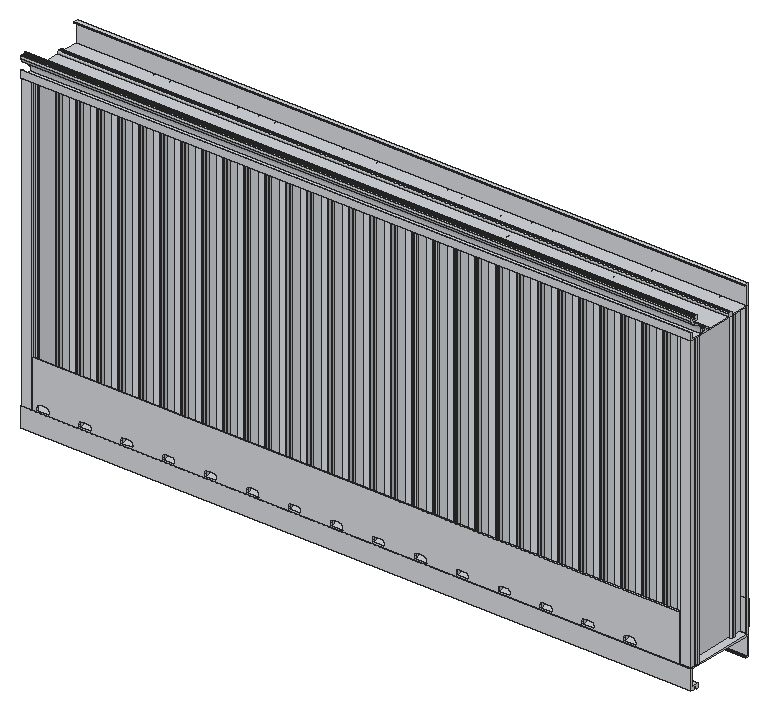
Revit family "WDV-130_Damper", category Generic Models, Revit 2015
Parameters
  Number of Blades [instance] = (Exact Width / Blade Spacing) - 3  # 29
  Exact Width ID = Exact Width - 0' 1 9/16"  # 3' - 10 7/16"
  Exact Width = 4' - 0"
  Exact Height ID = Exact Height - 0' 3"  # 1' - 9"
  Exact Height = 2' - 0"
  Depth = 0' - 5.1"
  Blade Spacing [instance] = 0' - 1 1/2"
  Blade Height = 2' - 9 3/4"
Reference planes (in)
  plane 1 "Center (Front/Back)": y = 0
  plane 2: z = 0
  plane 3 "Center (Left/Right)": x = 0
  plane 4: x = -18
  plane 5: x = 30
  plane 6: y = 2.55
  plane 7: y = -2.55
  plane 8: z = 24
  plane 9: z = 22.5
  plane 10: z = 1.5
  plane 11: x = -17.36536
  plane 12: x = 29.36399
Forms (in)
  Extrusion 1, solid
    sketch origin (-1.86888, 9.00306, 0) x (1, 0, 0) y (0, 1, 0)
      loop
        line (-14.86286, -6.51556) -> (-16.13112, -6.51556) -> (-16.13112, -6.68406) -> (-16.05612, -6.68406) -> (-16.05612, -6.59656) -> (-15.57062, -6.59656) -> (-15.57062, -7.25124)
        arc (-15.57062, -7.25124) -> (-15.67606, -7.23049) -> (-15.7699, -7.28285) r 0.156
        arc (-15.7699, -7.28285) -> (-15.77707, -7.30467) -> (-15.76672, -7.32516) r 0.03
        line (-15.76672, -7.32516) -> (-15.73788, -7.33582)
        arc (-15.73788, -7.33582) -> (-15.72116, -7.33701) -> (-15.7064, -7.32904) r 0.03
        arc (-15.7064, -7.32904) -> (-15.68351, -7.31338) -> (-15.65657, -7.30672) r 0.078
        arc (-15.65657, -7.30672) -> (-15.60008, -7.32602) -> (-15.57378, -7.37961) r 0.078
        arc (-15.57378, -7.37961) -> (-15.5965, -7.43975) -> (-15.65667, -7.4624) r 0.078
        arc (-15.65667, -7.4624) -> (-15.68355, -7.45573) -> (-15.7064, -7.44009) r 0.078
        arc (-15.7064, -7.44009) -> (-15.71981, -7.43244) -> (-15.73524, -7.43246) r 0.03
        line (-15.73524, -7.43246) -> (-15.76672, -7.44397)
        arc (-15.76672, -7.44397) -> (-15.77707, -7.46446) -> (-15.7699, -7.48627) r 0.03
        arc (-15.7699, -7.48627) -> (-15.67503, -7.5388) -> (-15.56884, -7.51679) r 0.156
        line (-15.56884, -7.51679) -> (-15.56884, -10.37576)
        arc (-15.56884, -10.37576) -> (-15.60026, -10.36116) -> (-15.63412, -10.35386) r 0.156
        arc (-15.63412, -10.35386) -> (-15.65463, -10.35121) -> (-15.67434, -10.35744) r 0.04792
        arc (-15.67434, -10.35744) -> (-15.68558, -10.36889) -> (-15.68932, -10.38449) r 0.03
        line (-15.68932, -10.38449) -> (-15.67513, -10.41607)
        arc (-15.67513, -10.41607) -> (-15.66423, -10.427) -> (-15.64935, -10.43106) r 0.03
        arc (-15.64935, -10.43106) -> (-15.62213, -10.43616) -> (-15.5984, -10.45045) r 0.078
        arc (-15.5984, -10.45045) -> (-15.57203, -10.50401) -> (-15.59126, -10.56053) r 0.078
        arc (-15.59126, -10.56053) -> (-15.64982, -10.58706) -> (-15.70842, -10.5606) r 0.078
        arc (-15.70842, -10.5606) -> (-15.72275, -10.53685) -> (-15.72787, -10.50959) r 0.078
        arc (-15.72787, -10.50959) -> (-15.73182, -10.4949) -> (-15.74246, -10.48405) r 0.03
        line (-15.74246, -10.48405) -> (-15.77326, -10.46968)
        arc (-15.77326, -10.46968) -> (-15.79507, -10.47685) -> (-15.80543, -10.49734) r 0.03
        arc (-15.80543, -10.49734) -> (-15.80157, -10.54544) -> (-15.78319, -10.59006) r 0.156
        line (-15.78319, -10.59006) -> (-15.89312, -10.59006) -> (-15.89312, -10.96506) -> (-16.13112, -10.96506) -> (-16.13112, -11.04706) -> (-16.06212, -11.04706) -> (-16.06212, -11.10806) -> (-15.98112, -11.10806) -> (-15.98112, -11.04706) -> (-15.89312, -11.04706) -> (-15.89312, -11.44406) -> (-15.98112, -11.44406) -> (-15.98112, -11.33106) -> (-16.06212, -11.33106) -> (-16.06212, -11.55306) -> (-15.36262, -11.55306) -> (-15.36262, -11.47206) -> (-15.81812, -11.47206) -> (-15.81812, -10.66506) -> (-15.49648, -10.66506) -> (-15.49648, -6.59656) -> (-14.86286, -6.59656) -> (-14.86286, -6.51556)
    from 1.5 to 22.5
  Extrusion 2, solid
    sketch origin (1.86888, 9.06556, 0) x (-1, 0, 0) y (0, -1, 0)
      loop
        line (-26.86286, 6.51556) -> (-26.86286, 6.59656) -> (-27.49562, 6.59656) -> (-27.49562, 10.67756) -> (-27.81812, 10.67756) -> (-27.81812, 11.48456) -> (-27.36262, 11.48456) -> (-27.36262, 11.61158) -> (-28.06212, 11.61158) -> (-28.06212, 11.34356) -> (-27.98112, 11.34356) -> (-27.98112, 11.45656) -> (-27.89312, 11.45656) -> (-27.89312, 11.05956) -> (-27.98112, 11.05956) -> (-27.98112, 11.12056) -> (-28.06212, 11.12056) -> (-28.06212, 11.05956) -> (-28.13112, 11.05956) -> (-28.13112, 10.97756) -> (-27.89312, 10.97756) -> (-27.89312, 10.60256) -> (-27.78319, 10.60256)
        arc (-27.78319, 10.60256) -> (-27.80157, 10.55794) -> (-27.80543, 10.50984) r 0.156
        arc (-27.80543, 10.50984) -> (-27.79507, 10.48935) -> (-27.77326, 10.48218) r 0.03
        line (-27.77326, 10.48218) -> (-27.74246, 10.49655)
        arc (-27.74246, 10.49655) -> (-27.73182, 10.5074) -> (-27.72787, 10.52209) r 0.03
        arc (-27.72787, 10.52209) -> (-27.72275, 10.54935) -> (-27.70842, 10.5731) r 0.078
        arc (-27.70842, 10.5731) -> (-27.64982, 10.59956) -> (-27.59126, 10.57303) r 0.078
        arc (-27.59126, 10.57303) -> (-27.57203, 10.51651) -> (-27.5984, 10.46295) r 0.078
        arc (-27.5984, 10.46295) -> (-27.62213, 10.44866) -> (-27.64935, 10.44356) r 0.078
        arc (-27.64935, 10.44356) -> (-27.66423, 10.4395) -> (-27.67513, 10.42857) r 0.03
        line (-27.67513, 10.42857) -> (-27.68932, 10.39699)
        arc (-27.68932, 10.39699) -> (-27.68558, 10.38139) -> (-27.67434, 10.36994) r 0.03
        arc (-27.67434, 10.36994) -> (-27.65463, 10.36371) -> (-27.63412, 10.36636) r 0.04792
        arc (-27.63412, 10.36636) -> (-27.60026, 10.37366) -> (-27.56884, 10.38826) r 0.156
        line (-27.56884, 10.38826) -> (-27.56884, 7.51679)
        arc (-27.56884, 7.51679) -> (-27.67503, 7.5388) -> (-27.7699, 7.48627) r 0.156
        arc (-27.7699, 7.48627) -> (-27.77707, 7.46446) -> (-27.76672, 7.44397) r 0.03
        line (-27.76672, 7.44397) -> (-27.73524, 7.43246)
        arc (-27.73524, 7.43246) -> (-27.71981, 7.43244) -> (-27.7064, 7.44009) r 0.03
        arc (-27.7064, 7.44009) -> (-27.68355, 7.45573) -> (-27.65667, 7.4624) r 0.078
        arc (-27.65667, 7.4624) -> (-27.5965, 7.43975) -> (-27.57378, 7.37961) r 0.078
        arc (-27.57378, 7.37961) -> (-27.60008, 7.32602) -> (-27.65657, 7.30672) r 0.078
        arc (-27.65657, 7.30672) -> (-27.68351, 7.31338) -> (-27.7064, 7.32904) r 0.078
        arc (-27.7064, 7.32904) -> (-27.72116, 7.33701) -> (-27.73788, 7.33582) r 0.03
        line (-27.73788, 7.33582) -> (-27.76672, 7.32516)
        arc (-27.76672, 7.32516) -> (-27.77707, 7.30467) -> (-27.7699, 7.28285) r 0.03
        arc (-27.7699, 7.28285) -> (-27.67606, 7.23049) -> (-27.57062, 7.25124) r 0.156
        line (-27.57062, 7.25124) -> (-27.57062, 6.59656) -> (-28.05612, 6.59656) -> (-28.05612, 6.68406) -> (-28.13112, 6.68406) -> (-28.13112, 6.51556) -> (-26.86286, 6.51556)
    from 1.5 to 22.5
  Extrusion 3, solid
    sketch origin (0, 0, 7.93838) x (0, 1, 0) y (0, 0, 1)
      loop
        line (-1.97469, -7.93838) -> (-1.97469, -7.61838) -> (-2.47469, -7.61838) -> (-2.47469, -6.52038) -> (2.468, -6.52038) -> (2.468, -7.85638) -> (2.3625, -7.85638) -> (2.3625, -7.93838) -> (2.55, -7.93838) -> (2.55, -4.18838) -> (2.468, -4.18838) -> (2.468, -6.43838) -> (-2.55, -6.43838) -> (-2.55, -7.86938) -> (-2.34069, -7.86938) -> (-2.34069, -7.78838) -> (-2.45369, -7.78838) -> (-2.45369, -7.70038) -> (-2.05669, -7.70038) -> (-2.05669, -7.78838) -> (-2.11769, -7.78838) -> (-2.11769, -7.86938) -> (-2.05669, -7.86938) -> (-2.05669, -7.93838) -> (-1.97469, -7.93838)
    from -18 to 30
  Extrusion 4, solid
    sketch origin (0, 10.54911, 23.25) x (0, 1, 0) y (0, 0, 1)
      loop
        line (-8.33235, 0.669) -> (-8.11235, 0.669) -> (-8.11235, -0.669) -> (-9.47328, -0.669)
        arc (-9.47328, -0.669) -> (-9.45253, -0.56356) -> (-9.50489, -0.46972) r 0.156
        arc (-9.50489, -0.46972) -> (-9.5267, -0.46255) -> (-9.5472, -0.4729) r 0.03
        line (-9.5472, -0.4729) -> (-9.55786, -0.50174)
        arc (-9.55786, -0.50174) -> (-9.55905, -0.51846) -> (-9.55108, -0.53322) r 0.03
        arc (-9.55108, -0.53322) -> (-9.53542, -0.55612) -> (-9.52876, -0.58305) r 0.078
        arc (-9.52876, -0.58305) -> (-9.60665, -0.666) -> (-9.68444, -0.58295) r 0.078
        arc (-9.68444, -0.58295) -> (-9.67777, -0.55607) -> (-9.66212, -0.53322) r 0.078
        arc (-9.66212, -0.53322) -> (-9.65454, -0.52004) -> (-9.65438, -0.50484) r 0.03
        line (-9.65438, -0.50484) -> (-9.66601, -0.4729)
        arc (-9.66601, -0.4729) -> (-9.6865, -0.46255) -> (-9.70831, -0.46972) r 0.03
        arc (-9.70831, -0.46972) -> (-9.76068, -0.56356) -> (-9.73992, -0.669) r 0.156
        line (-9.73992, -0.669) -> (-11.59891, -0.669)
        arc (-11.59891, -0.669) -> (-11.57816, -0.56356) -> (-11.63052, -0.46972) r 0.156
        arc (-11.63052, -0.46972) -> (-11.65234, -0.46255) -> (-11.67283, -0.4729) r 0.03
        line (-11.67283, -0.4729) -> (-11.68445, -0.50484)
        arc (-11.68445, -0.50484) -> (-11.6843, -0.52004) -> (-11.67671, -0.53322) r 0.03
        arc (-11.67671, -0.53322) -> (-11.66107, -0.55607) -> (-11.6544, -0.58295) r 0.078
        arc (-11.6544, -0.58295) -> (-11.73219, -0.666) -> (-11.81008, -0.58305) r 0.078
        arc (-11.81008, -0.58305) -> (-11.80342, -0.55612) -> (-11.78776, -0.53322) r 0.078
        arc (-11.78776, -0.53322) -> (-11.77978, -0.51846) -> (-11.78097, -0.50174) r 0.03
        line (-11.78097, -0.50174) -> (-11.79164, -0.4729)
        arc (-11.79164, -0.4729) -> (-11.81213, -0.46255) -> (-11.83394, -0.46972) r 0.03
        arc (-11.83394, -0.46972) -> (-11.88631, -0.56356) -> (-11.86556, -0.669) r 0.156
        line (-11.86556, -0.669) -> (-12.11928, -0.669)
        arc (-12.11928, -0.669) -> (-12.28853, -0.15951) -> (-12.70213, 0.18278) r 0.97349
        arc (-12.70213, 0.18278) -> (-12.86819, 0.28881) -> (-13.00457, 0.431) r 0.82977
        line (-13.00457, 0.431) -> (-12.63737, 0.431) -> (-12.63737, 0.75) -> (-12.71837, 0.75) -> (-12.71837, 0.681) -> (-12.77937, 0.681) -> (-12.77937, 0.6) -> (-12.71837, 0.6) -> (-12.71837, 0.512) -> (-13.05635, 0.512) -> (-13.05635, 0.6) -> (-13.00237, 0.6) -> (-13.00237, 0.681) -> (-13.13135, 0.681) -> (-13.13135, 0.47638)
        arc (-13.13135, 0.47638) -> (-12.96094, 0.26228) -> (-12.73457, 0.10856) r 0.9095
        arc (-12.73457, 0.10856) -> (-12.35633, -0.20387) -> (-12.20035, -0.669) r 0.89249
        line (-12.20035, -0.669) -> (-13.05035, -0.669) -> (-13.05035, -0.22392) -> (-13.13135, -0.22392) -> (-13.13135, -0.75) -> (-8.03135, -0.75) -> (-8.03135, 0.75) -> (-8.33235, 0.75) -> (-8.33235, 0.669)
    from -18 to 30
Dimensions and locks (in)
  "Exact Width": plane 4 to plane 5
  "Depth": plane 6 to plane 7
  "Exact Height": plane 8 to level
  locked: plane 4 to plane 11 at 0.63464
  locked: plane 12 to plane 5 at 0.63601
  locked: plane 8 to plane 9 at 1.5
  plane 10 to level = 0' - 1 1/2"
  "Exact Height ID": plane 9 to plane 10
  "Blade Spacing": nested 1 to nested 2
  equal spacing: group 1, group 2, group 3, group 4, group 5, group 6, group 7, group 8, group 9, group 10, group 11, group 12, group 13, group 14, group 15, group 16, group 17, group 18, group 19, group 20, group 21, group 22, group 23, group 24, group 25, group 26, group 27, group 28, group 29  (x3)
  plane 12 to plane 11 = 3' - 10.72935"
  aligned and locked: plane 2 to level
  aligned and locked: plane 9 to Extrusion 2
  aligned and locked: Extrusion 3 to plane 4
  aligned and locked: plane 5 to Extrusion 3
  aligned and locked: plane 5 to Extrusion 4
  aligned and locked: Extrusion 4 to plane 4
  aligned and locked: plane 9 to Extrusion 1
  aligned and locked: plane 9 to nested 1
  aligned and locked: plane 11 to nested 1
  aligned and locked: nested 15 to plane 10
Automatic sketch dimensions
  Extrusion 1 sketch curve to Extrusion 1 sketch curve = 0' - 0"  (x64)
  Extrusion 1 sketch curve to plane 4 = 0' - 0"  (x2)
  Extrusion 1 sketch curve to plane 7 = 0' - 0"
  Extrusion 1 sketch curve to plane 11 = 0' - 0"
  plane 4 to Extrusion 1 sketch curve = 0' - 0.069"
  Extrusion 1 sketch curve to Extrusion 1 sketch curve = 0' - 0.069"
  plane 4 to Extrusion 1 sketch curve = 0' - 0.075"
  Extrusion 1 sketch curve to Extrusion 1 sketch curve = 0' - 0.081"  (x2)
  Extrusion 1 sketch curve to Extrusion 1 sketch curve = 0' - 0.088"
  plane 4 to Extrusion 1 sketch curve = 0' - 0.238"
  Extrusion 1 sketch curve to Extrusion 1 sketch curve = 0' - 0.075"  (x2)
  Extrusion 1 sketch curve to Extrusion 1 sketch curve = 0' - 0.03493"
  Extrusion 1 sketch curve to Extrusion 1 sketch curve = 0' - 0.00768"
  Extrusion 1 sketch curve to Extrusion 1 sketch curve = 0' - 0.00225"
  Extrusion 1 sketch curve to plane 11 = 0' - 0.27024"
  Extrusion 1 sketch curve to Extrusion 1 sketch curve = 0' - 0.01765"
  Extrusion 1 sketch curve to Extrusion 1 sketch curve = 0' - 0.01956"  (x2)
  Extrusion 1 sketch curve to Extrusion 1 sketch curve = 0' - 0.01541"
  Extrusion 1 sketch curve to Extrusion 1 sketch curve = 0' - 0.02884"
  Extrusion 1 sketch curve to Extrusion 1 sketch curve = 0' - 0.03148"
  Extrusion 1 sketch curve to Extrusion 1 sketch curve = 0' - 0.01968"  (x2)
  Extrusion 1 sketch curve to Extrusion 1 sketch curve = 0' - 0.05314"
  Extrusion 1 sketch curve to Extrusion 1 sketch curve = 0' - 0.01419"
  Extrusion 1 sketch curve to Extrusion 1 sketch curve = 0' - 0.02998"
  Extrusion 1 sketch curve to Extrusion 1 sketch curve = 0' - 0.08362"
  Extrusion 1 sketch curve to Extrusion 1 sketch curve = 0' - 0.00896"
  Extrusion 1 sketch curve to Extrusion 1 sketch curve = 0' - 0.09259"
  Extrusion 1 sketch curve to Extrusion 1 sketch curve = 0' - 0.00123"
  Extrusion 1 sketch curve to plane 11 = 0' - 0.07414"
  Extrusion 1 sketch curve to plane 11 = 0' - 0.07236"
  plane 11 to Extrusion 1 sketch curve = 0' - 0.13386"
  Extrusion 1 sketch curve to plane 6 = 0' - 0 1/16"
  plane 11 to Extrusion 1 sketch curve = 0' - 0.63362"
  plane 7 to Extrusion 1 sketch curve = 0' - 0.081"
  plane 7 to Extrusion 1 sketch curve = 0' - 0.109"
  Extrusion 1 sketch curve to Extrusion 1 sketch curve = 0' - 0.113"
  Extrusion 1 sketch curve to Extrusion 1 sketch curve = 0' - 0.223"
  Extrusion 1 sketch curve to Extrusion 1 sketch curve = 0' - 0.061"  (x2)
  Extrusion 1 sketch curve to Extrusion 1 sketch curve = 0' - 0.082"
  Extrusion 1 sketch curve to Extrusion 1 sketch curve = 0' - 0.3"
  Extrusion 1 sketch curve to Extrusion 1 sketch curve = 0' - 0.08028"
  Extrusion 1 sketch curve to Extrusion 1 sketch curve = 0' - 0.00072"
  Extrusion 1 sketch curve to Extrusion 1 sketch curve = 0' - 0.01019"
  Extrusion 1 sketch curve to Extrusion 1 sketch curve = 0' - 0.02574"
  Extrusion 1 sketch curve to Extrusion 1 sketch curve = 0' - 0.02992"
  Extrusion 1 sketch curve to Extrusion 1 sketch curve = 0' - 0.06798"
  Extrusion 1 sketch curve to Extrusion 1 sketch curve = 0' - 0.015"
  Extrusion 1 sketch curve to Extrusion 1 sketch curve = 0' - 0.00213"
  Extrusion 1 sketch curve to Extrusion 1 sketch curve = 0' - 0.03157"
  Extrusion 1 sketch curve to Extrusion 1 sketch curve = 0' - 0.01552"
  Extrusion 1 sketch curve to Extrusion 1 sketch curve = 0' - 0.02531"
  Extrusion 1 sketch curve to plane 6 = 0' - 1.06373"
  Extrusion 1 sketch curve to Extrusion 1 sketch curve = 0' - 0.05007"
  Extrusion 1 sketch curve to Extrusion 1 sketch curve = 0' - 0.00527"  (x2)
  Extrusion 1 sketch curve to Extrusion 1 sketch curve = 0' - 0.02275"
  Extrusion 1 sketch curve to Extrusion 1 sketch curve = 0' - 0.02898"
  Extrusion 1 sketch curve to Extrusion 1 sketch curve = 0' - 0.0479"
  Extrusion 1 sketch curve to Extrusion 1 sketch curve = 0' - 0.09664"
  Extrusion 1 sketch curve to Extrusion 1 sketch curve = 0' - 0.01066"
  Extrusion 1 sketch curve to Extrusion 1 sketch curve = 0' - 0.02814"
  Extrusion 1 sketch curve to Extrusion 1 sketch curve = 0' - 0.13332"
  Extrusion 1 sketch curve to Extrusion 1 sketch curve = 0' - 0.1685"
  Extrusion 1 sketch curve to plane 6 = 0' - 0.1435"
  Extrusion 1 sketch curve to Extrusion 1 sketch curve = 0' - 0.0875"
  Extrusion 1 sketch curve to Extrusion 1 sketch curve = 0' - 0.01945"
  Extrusion 1 sketch curve to Extrusion 1 sketch curve = 0' - 0.04974"
  Extrusion 1 sketch curve to Extrusion 1 sketch curve = 0' - 0.04983"
  Extrusion 1 sketch curve to Extrusion 1 sketch curve = 0' - 0.05095"
  Extrusion 1 sketch curve to Extrusion 1 sketch curve = 0' - 0 15/256"
  Extrusion 1 sketch curve to plane 11 = 0' - 0.0773"
  Extrusion 2 sketch curve to Extrusion 2 sketch curve = 0' - 0"  (x65)
  Extrusion 2 sketch curve to plane 5 = 0' - 0"  (x2)
  Extrusion 2 sketch curve to plane 6 = 0' - 0"
  Extrusion 2 sketch curve to plane 5 = 0' - 0.069"  (x2)
  Extrusion 2 sketch curve to plane 5 = 0' - 0.075"
  Extrusion 2 sketch curve to Extrusion 2 sketch curve = 0' - 0.081"  (x3)
  Extrusion 2 sketch curve to Extrusion 2 sketch curve = 0' - 0.088"
  Extrusion 2 sketch curve to plane 5 = 0' - 0.238"
  Extrusion 2 sketch curve to Extrusion 2 sketch curve = 0' - 0.075"
  Extrusion 2 sketch curve to Extrusion 2 sketch curve = 0' - 0.03493"
  Extrusion 2 sketch curve to Extrusion 2 sketch curve = 0' - 0.00768"
  Extrusion 2 sketch curve to Extrusion 2 sketch curve = 0' - 0.00225"
  plane 12 to Extrusion 2 sketch curve = 0' - 0.27161"
  Extrusion 2 sketch curve to Extrusion 2 sketch curve = 0' - 0.01765"
  Extrusion 2 sketch curve to Extrusion 2 sketch curve = 0' - 0.01956"  (x2)
  Extrusion 2 sketch curve to Extrusion 2 sketch curve = 0' - 0.01541"
  Extrusion 2 sketch curve to Extrusion 2 sketch curve = 0' - 0.02884"
  Extrusion 2 sketch curve to Extrusion 2 sketch curve = 0' - 0.03148"
  Extrusion 2 sketch curve to Extrusion 2 sketch curve = 0' - 0.01968"  (x2)
  Extrusion 2 sketch curve to Extrusion 2 sketch curve = 0' - 0.05314"
  Extrusion 2 sketch curve to Extrusion 2 sketch curve = 0' - 0.01419"
  Extrusion 2 sketch curve to Extrusion 2 sketch curve = 0' - 0.02998"
  Extrusion 2 sketch curve to Extrusion 2 sketch curve = 0' - 0.08362"
  Extrusion 2 sketch curve to Extrusion 2 sketch curve = 0' - 0.00896"
  Extrusion 2 sketch curve to Extrusion 2 sketch curve = 0' - 0.09259"
  Extrusion 2 sketch curve to Extrusion 2 sketch curve = 0' - 0.00123"
  plane 12 to Extrusion 2 sketch curve = 0' - 0.07551"
  plane 12 to Extrusion 2 sketch curve = 0' - 0.07373"
  plane 12 to Extrusion 2 sketch curve = 0' - 0.00051"
  Extrusion 2 sketch curve to plane 12 = 0' - 0.13249"
  Extrusion 2 sketch curve to plane 12 = 0' - 0.63225"
  Extrusion 2 sketch curve to Extrusion 2 sketch curve = 0' - 0.0875"
  Extrusion 2 sketch curve to Extrusion 2 sketch curve = 0' - 0.65468"
  Extrusion 2 sketch curve to Extrusion 2 sketch curve = 0' - 0.05117"
  Extrusion 2 sketch curve to Extrusion 2 sketch curve = 0' - 0.00527"  (x2)
  Extrusion 2 sketch curve to Extrusion 2 sketch curve = 0' - 0.02275"
  Extrusion 2 sketch curve to Extrusion 2 sketch curve = 0' - 0.02814"
  Extrusion 2 sketch curve to Extrusion 2 sketch curve = 0' - 0.04874"
  Extrusion 2 sketch curve to Extrusion 2 sketch curve = 0' - 0.0479"
  Extrusion 2 sketch curve to Extrusion 2 sketch curve = 0' - 0.0115"
  Extrusion 2 sketch curve to Extrusion 2 sketch curve = 0' - 0.02898"
  Extrusion 2 sketch curve to Extrusion 2 sketch curve = 0' - 0.13223"
  plane 7 to Extrusion 2 sketch curve = 0' - 1.2273"
  Extrusion 2 sketch curve to Extrusion 2 sketch curve = 0' - 0.00766"
  Extrusion 2 sketch curve to Extrusion 2 sketch curve = 0' - 0.00107"
  Extrusion 2 sketch curve to Extrusion 2 sketch curve = 0' - 0.01552"
  Extrusion 2 sketch curve to Extrusion 2 sketch curve = 0' - 0.00213"
  Extrusion 2 sketch curve to Extrusion 2 sketch curve = 0' - 0.015"
  Extrusion 2 sketch curve to Extrusion 2 sketch curve = 0' - 0.05362"
  Extrusion 2 sketch curve to Extrusion 2 sketch curve = 0' - 0.01436"
  Extrusion 2 sketch curve to Extrusion 2 sketch curve = 0' - 0.02992"
  Extrusion 2 sketch curve to Extrusion 2 sketch curve = 0' - 0.078"
  Extrusion 2 sketch curve to Extrusion 2 sketch curve = 0' - 0.01019"
  Extrusion 2 sketch curve to Extrusion 2 sketch curve = 0' - 0.09272"
  Extrusion 2 sketch curve to Extrusion 2 sketch curve = 0' - 0.156"
  Extrusion 2 sketch curve to Extrusion 2 sketch curve = 0' - 0.3"
  Extrusion 2 sketch curve to Extrusion 2 sketch curve = 0' - 0.082"  (x2)
  Extrusion 2 sketch curve to Extrusion 2 sketch curve = 0' - 0.061"
  Extrusion 2 sketch curve to Extrusion 2 sketch curve = 0' - 0.223"
  Extrusion 2 sketch curve to Extrusion 2 sketch curve = 0' - 0.113"
  plane 7 to Extrusion 2 sketch curve = 0' - 0.131"
  plane 7 to Extrusion 2 sketch curve = 0' - 0.00399"
  Extrusion 2 sketch curve to Extrusion 2 sketch curve = 0' - 0.01945"
  Extrusion 2 sketch curve to Extrusion 2 sketch curve = 0' - 0.04974"
  Extrusion 2 sketch curve to Extrusion 2 sketch curve = 0' - 0.04983"
  Extrusion 2 sketch curve to Extrusion 2 sketch curve = 0' - 0.05095"
  Extrusion 2 sketch curve to Extrusion 2 sketch curve = 0' - 0 15/256"
  Extrusion 2 sketch curve to Extrusion 2 sketch curve = 0' - 0.07784"
  Extrusion 3 sketch curve to plane 7 = 0' - 0"
  Extrusion 3 sketch curve to level = 0' - 0"  (x2)
  Extrusion 3 sketch curve to plane 10 = 0' - 0"
  Extrusion 3 sketch curve to plane 6 = 0' - 0"
  plane 7 to Extrusion 3 sketch curve = 0' - 0.07531"
  plane 7 to Extrusion 3 sketch curve = 0' - 0.09631"
  Extrusion 3 sketch curve to Extrusion 3 sketch curve = 0' - 0.113"
  Extrusion 3 sketch curve to Extrusion 3 sketch curve = 0' - 0.223"
  Extrusion 3 sketch curve to Extrusion 3 sketch curve = 0' - 0.061"  (x2)
  Extrusion 3 sketch curve to Extrusion 3 sketch curve = 0' - 0.082"  (x2)
  Extrusion 3 sketch curve to plane 6 = 0' - 0 3/16"
  Extrusion 3 sketch curve to plane 6 = 0' - 0.082"  (x2)
  level to Extrusion 3 sketch curve = 0' - 0.069"  (x2)
  level to Extrusion 3 sketch curve = 0' - 0.082"
  Extrusion 3 sketch curve to Extrusion 3 sketch curve = 0' - 0.081"  (x2)
  Extrusion 3 sketch curve to Extrusion 3 sketch curve = 0' - 0.088"
  Extrusion 3 sketch curve to plane 10 = 0' - 0.082"
  plane 10 to Extrusion 3 sketch curve = 0' - 2 1/4"
  Extrusion 4 sketch curve to Extrusion 4 sketch curve = 0' - 0"  (x44)
  Extrusion 4 sketch curve to plane 9 = 0' - 0"
  Extrusion 4 sketch curve to plane 8 = 0' - 0"  (x2)
  Extrusion 4 sketch curve to plane 7 = 0' - 0.03224"  (x2)
  plane 7 to Extrusion 4 sketch curve = 0' - 0.00718"
  plane 7 to Extrusion 4 sketch curve = 0' - 0.04276"
  plane 7 to Extrusion 4 sketch curve = 0' - 0.04876"
  plane 7 to Extrusion 4 sketch curve = 0' - 0.09454"
  plane 7 to Extrusion 4 sketch curve = 0' - 0.09674"
  Extrusion 4 sketch curve to Extrusion 4 sketch curve = 0' - 0.223"
  Extrusion 4 sketch curve to Extrusion 4 sketch curve = 0' - 0.061"  (x2)
  Extrusion 4 sketch curve to Extrusion 4 sketch curve = 0' - 0.081"  (x3)
  plane 8 to Extrusion 4 sketch curve = 0' - 0.17928"
  Extrusion 4 sketch curve to Extrusion 4 sketch curve = 0' - 0.29473"
  Extrusion 4 sketch curve to Extrusion 4 sketch curve = 0' - 0.00087"
  plane 9 to Extrusion 4 sketch curve = 0' - 0.081"  (x4)
  Extrusion 4 sketch curve to Extrusion 4 sketch curve = 0' - 0.85"
  Extrusion 4 sketch curve to Extrusion 4 sketch curve = 0' - 0.08108"
  Extrusion 4 sketch curve to Extrusion 4 sketch curve = 0' - 0.25372"
  Extrusion 4 sketch curve to Extrusion 4 sketch curve = 0' - 0.05117"  (x2)
  Extrusion 4 sketch curve to Extrusion 4 sketch curve = 0' - 0.00527"  (x4)
  plane 9 to Extrusion 4 sketch curve = 0' - 0.2771"  (x4)
  Extrusion 4 sketch curve to Extrusion 4 sketch curve = 0' - 0.02275"  (x2)
  plane 9 to Extrusion 4 sketch curve = 0' - 0.24826"  (x2)
  Extrusion 4 sketch curve to Extrusion 4 sketch curve = 0' - 0.02814"  (x2)
  Extrusion 4 sketch curve to Extrusion 4 sketch curve = 0' - 0.04874"
  plane 9 to Extrusion 4 sketch curve = 0' - 0.24516"  (x2)
  Extrusion 4 sketch curve to Extrusion 4 sketch curve = 0' - 0.04778"  (x2)
  Extrusion 4 sketch curve to Extrusion 4 sketch curve = 0' - 0.01162"
  Extrusion 4 sketch curve to Extrusion 4 sketch curve = 0' - 0.0291"  (x2)
  Extrusion 4 sketch curve to Extrusion 4 sketch curve = 0' - 0.13332"  (x2)
  Extrusion 4 sketch curve to plane 1 "Center (Front/Back)" = 0' - 0.80919"
  Extrusion 4 sketch curve to Extrusion 4 sketch curve = 0' - 0.09652"
  Extrusion 4 sketch curve to Extrusion 4 sketch curve = 0' - 0.01066"
  Extrusion 4 sketch curve to plane 6 = 0' - 0.33324"
  Extrusion 4 sketch curve to plane 6 = 0' - 0.11324"
  Extrusion 4 sketch curve to plane 6 = 0' - 0.03224"
  plane 9 to Extrusion 4 sketch curve = 0' - 0.04074"
  Extrusion 4 sketch curve to Extrusion 4 sketch curve = 0' - 0.08316"  (x2)
  Extrusion 4 sketch curve to Extrusion 4 sketch curve = 0' - 0.01041"  (x2)
  Extrusion 4 sketch curve to Extrusion 4 sketch curve = 0' - 0.0073"  (x2)
  Extrusion 4 sketch curve to Extrusion 4 sketch curve = 0' - 0.01968"  (x4)
  Extrusion 4 sketch curve to Extrusion 4 sketch curve = 0' - 0.44508"
  Extrusion 4 sketch curve to Extrusion 4 sketch curve = 0' - 0.319"
  Extrusion 4 sketch curve to Extrusion 4 sketch curve = 0' - 0.04538"
  Extrusion 4 sketch curve to Extrusion 4 sketch curve = 0' - 0.088"  (x2)
  Extrusion 4 sketch curve to Extrusion 4 sketch curve = 0' - 0.069"
  Extrusion 4 sketch curve to plane 8 = 0' - 0.069"
  Extrusion 4 sketch curve to Extrusion 4 sketch curve = 0' - 0.00094"
  Extrusion 4 sketch curve to Extrusion 4 sketch curve = 0' - 0.02232"  (x2)
  Extrusion 4 sketch curve to Extrusion 4 sketch curve = 0' - 0.02231"  (x2)
Nested families (in)
  nested 1: "Wdv-130Blade" at (-16.28584, 0, 1.5), type "Wdv-130Blade"
    with Blade Height 1' - 9"
  nested 2: "Wdv-130Blade" at (-14.78584, 0, 1.5), type "Wdv-130Blade"
    with Blade Height 1' - 9"
  nested 3: "Wdv-130Blade" at (-13.28584, 0, 1.5), type "Wdv-130Blade"
    with Blade Height 1' - 9"
  nested 4: "Wdv-130Blade" at (-11.78584, 0, 1.5), type "Wdv-130Blade"
    with Blade Height 1' - 9"
  nested 5: "Wdv-130Blade" at (-10.28584, 0, 1.5), type "Wdv-130Blade"
    with Blade Height 1' - 9"
  nested 6: "Wdv-130Blade" at (-8.78584, 0, 1.5), type "Wdv-130Blade"
    with Blade Height 1' - 9"
  nested 7: "Wdv-130Blade" at (-7.28584, 0, 1.5), type "Wdv-130Blade"
    with Blade Height 1' - 9"
  nested 8: "Wdv-130Blade" at (-5.78584, 0, 1.5), type "Wdv-130Blade"
    with Blade Height 1' - 9"
  nested 9: "Wdv-130Blade" at (-4.28584, 0, 1.5), type "Wdv-130Blade"
    with Blade Height 1' - 9"
  nested 10: "Wdv-130Blade" at (-2.78584, 0, 1.5), type "Wdv-130Blade"
    with Blade Height 1' - 9"
  nested 11: "Wdv-130Blade" at (-1.28584, 0, 1.5), type "Wdv-130Blade"
    with Blade Height 1' - 9"
  nested 12: "Wdv-130Blade" at (0.21416, 0, 1.5), type "Wdv-130Blade"
    with Blade Height 1' - 9"
  nested 13: "Wdv-130Blade" at (1.71416, 0, 1.5), type "Wdv-130Blade"
    with Blade Height 1' - 9"
  nested 14: "Wdv-130Blade" at (3.21416, 0, 1.5), type "Wdv-130Blade"
    with Blade Height 1' - 9"
  nested 15: "WDV-130_Sill Baffle" at (0.76647, -0.15893, 3.1875), type "WDV-130_Sill Baffle"
    with Number of Holes 14, Exact Baffle Width 3' - 10 7/16"
  nested 16: "Wdv-130Blade" at (4.71416, 0, 1.5), type "Wdv-130Blade"
    with Blade Height 1' - 9"
  nested 17: "Wdv-130Blade" at (6.21416, 0, 1.5), type "Wdv-130Blade"
    with Blade Height 1' - 9"
  nested 18: "Wdv-130Blade" at (7.71416, 0, 1.5), type "Wdv-130Blade"
    with Blade Height 1' - 9"
  nested 19: "Wdv-130Blade" at (9.21416, 0, 1.5), type "Wdv-130Blade"
    with Blade Height 1' - 9"
  nested 20: "Wdv-130Blade" at (10.71416, 0, 1.5), type "Wdv-130Blade"
    with Blade Height 1' - 9"
  nested 21: "Wdv-130Blade" at (12.21416, 0, 1.5), type "Wdv-130Blade"
    with Blade Height 1' - 9"
  nested 22: "Wdv-130Blade" at (13.71416, 0, 1.5), type "Wdv-130Blade"
    with Blade Height 1' - 9"
  nested 23: "Wdv-130Blade" at (15.21416, 0, 1.5), type "Wdv-130Blade"
    with Blade Height 1' - 9"
  nested 24: "Wdv-130Blade" at (16.71416, 0, 1.5), type "Wdv-130Blade"
    with Blade Height 1' - 9"
  nested 25: "Wdv-130Blade" at (18.21416, 0, 1.5), type "Wdv-130Blade"
    with Blade Height 1' - 9"
  nested 26: "Wdv-130Blade" at (19.71416, 0, 1.5), type "Wdv-130Blade"
    with Blade Height 1' - 9"
  nested 27: "Wdv-130Blade" at (21.21416, 0, 1.5), type "Wdv-130Blade"
    with Blade Height 1' - 9"
  nested 28: "Wdv-130Blade" at (22.71416, 0, 1.5), type "Wdv-130Blade"
    with Blade Height 1' - 9"
  nested 29: "Wdv-130Blade" at (24.21416, 0, 1.5), type "Wdv-130Blade"
    with Blade Height 1' - 9"
  nested 30: "Wdv-130Blade" at (25.71416, 0, 1.5), type "Wdv-130Blade"
    with Blade Height 1' - 9"
  nested 31: "Wdv-130Blade" at (27.21416, 0, 1.5), type "Wdv-130Blade"
    with Blade Height 1' - 9"
Definition of nested family "Wdv-130Blade"
  Parameters (values of type "Wdv-130Blade")
    Blade Height = 2' - 9 3/4"
  Reference planes (in)
    plane 1 "Center (Front/Back)": y = 0
    plane 2: z = 0
    plane 3 "Center (Left/Right)": x = 0
    plane 4: z = 33.75
    plane 5: z = 16.875
  Forms (in)
    Extrusion 1, solid
      sketch origin (-0.05261, -0.03684, 0) x (1, 0, 0) y (0, 1, 0)
        loop
          line (0.87681, 2.24) -> (0.89558, 2.19997) -> (0.97543, 2.21495) -> (1.02697, 2.30423) -> (0.9715, 2.40031) -> (0.93543, 2.40031) -> (0.41781, 2.40031) -> (0.41781, 2.23484) -> (0.47781, 2.23484) -> (0.47781, 2.34031) -> (0.59165, 2.34031) -> (0.59165, 1.94427) -> (0.58939, 1.8694) -> (0.57306, 1.79629)
          arc (0.57306, 1.79629) -> (0.39749, 1.8685) -> (0.27905, 1.72013) r 0.15817
          line (0.27905, 1.72013) -> (0.34705, 1.70633) -> (0.35495, 1.75337) -> (0.43715, 1.80594) -> (0.51115, 1.76757) -> (0.52771, 1.71538) -> (0.51628, 1.67134) -> (0.451, 1.63553) -> (0.40658, 1.62877) -> (0.37132, 1.59711) -> (0.39129, 1.55318) -> (-0.93248, 0.1682) -> (-0.99158, 0.09078) -> (-1.02691, 0.00001) -> (-1.02691, -0.1593) -> (-1.01193, -0.2072) -> (-0.99023, -0.25245) -> (-0.95116, -0.26777) -> (-0.92339, -0.23327) -> (-0.95917, -0.14153) -> (-0.96545, -0.06001) -> (-0.91895, -0.09209) -> (-0.88612, -0.04521) -> (-0.90629, -0.01419)
          arc (-0.90629, -0.01419) -> (-0.82256, 0.12695) -> (-0.76811, -0.02785) r 0.09056
          line (-0.76811, -0.02785) -> (-0.63899, -0.50729) -> (-0.41125, -0.84664) -> (0.76995, -1.9998) -> (0.90041, -2.15715) -> (0.95596, -2.35386) -> (1.0254, -2.34361) -> (0.96195, -2.12378) -> (0.81634, -1.94727) -> (-0.36151, -0.79737) -> (-0.65651, -0.20553) -> (-0.56439, 0.452) -> (0.4977, 1.56321) -> (0.62538, 1.73655) -> (0.66151, 1.94878) -> (0.66151, 2.33031) -> (0.91309, 2.33031) -> (0.92852, 2.29174) -> (0.87681, 2.24)
      from 0 to 33.75
  Dimensions and locks (in)
    "Blade Height": plane 4 to level
    equal spacing: plane 4, plane 5, level
    aligned and locked: plane 2 to level
    aligned and locked: Extrusion 1 to level
    aligned and locked: plane 4 to Extrusion 1
  Automatic sketch dimensions
    plane 1 "Center (Front/Back)" to Extrusion 1 sketch curve = 0' - 0"
    plane 1 "Center (Front/Back)" to Extrusion 1 sketch curve = 0' - 0.19614"
    Extrusion 1 sketch curve to plane 3 "Center (Left/Right)" = 0' - 1.07952"
    plane 1 "Center (Front/Back)" to Extrusion 1 sketch curve = 0' - 0.24404"
    Extrusion 1 sketch curve to Extrusion 1 sketch curve = 0' - 0.01497"
    Extrusion 1 sketch curve to plane 1 "Center (Front/Back)" = 0' - 0.05394"
    Extrusion 1 sketch curve to Extrusion 1 sketch curve = 0' - 0.03533"
    plane 1 "Center (Front/Back)" to Extrusion 1 sketch curve = 0' - 0.28929"
    Extrusion 1 sketch curve to Extrusion 1 sketch curve = 0' - 0.02171"
    plane 1 "Center (Front/Back)" to Extrusion 1 sketch curve = 0' - 0.09685"
    Extrusion 1 sketch curve to Extrusion 1 sketch curve = 0' - 0.06146"
    plane 1 "Center (Front/Back)" to Extrusion 1 sketch curve = 0' - 0.17837"
    Extrusion 1 sketch curve to Extrusion 1 sketch curve = 0' - 0.06774"
    plane 1 "Center (Front/Back)" to Extrusion 1 sketch curve = 0' - 0.30461"
    Extrusion 1 sketch curve to Extrusion 1 sketch curve = 0' - 0 5/128"
    Extrusion 1 sketch curve to plane 1 "Center (Front/Back)" = 0' - 0.13137"
    Extrusion 1 sketch curve to Extrusion 1 sketch curve = 0' - 0.05909"
    plane 1 "Center (Front/Back)" to Extrusion 1 sketch curve = 0' - 0.27011"
    Extrusion 1 sketch curve to Extrusion 1 sketch curve = 0' - 0.02777"
    plane 1 "Center (Front/Back)" to Extrusion 1 sketch curve = 0' - 0.12893"
    Extrusion 1 sketch curve to Extrusion 1 sketch curve = 0' - 0.0465"
    plane 1 "Center (Front/Back)" to Extrusion 1 sketch curve = 0' - 0.05102"
    Extrusion 1 sketch curve to Extrusion 1 sketch curve = 0' - 0.05916"
    plane 1 "Center (Front/Back)" to Extrusion 1 sketch curve = 0' - 0 21/256"
    Extrusion 1 sketch curve to Extrusion 1 sketch curve = 0' - 0.02017"
    Extrusion 1 sketch curve to Extrusion 1 sketch curve = 0' - 0.07481"
    plane 1 "Center (Front/Back)" to Extrusion 1 sketch curve = 0' - 0.06469"
    plane 1 "Center (Front/Back)" to Extrusion 1 sketch curve = 0' - 0.24236"
    Extrusion 1 sketch curve to Extrusion 1 sketch curve = 0' - 0.11159"
    Extrusion 1 sketch curve to Extrusion 1 sketch curve = 0' - 0.01752"
    Extrusion 1 sketch curve to Extrusion 1 sketch curve = 0' - 0.36809"
    Extrusion 1 sketch curve to Extrusion 1 sketch curve = 0' - 0.22774"
    Extrusion 1 sketch curve to Extrusion 1 sketch curve = 0' - 0.04974"
    plane 3 "Center (Left/Right)" to Extrusion 1 sketch curve = 0' - 0.22644"
    Extrusion 1 sketch curve to Extrusion 1 sketch curve = 0' - 0.068"
    Extrusion 1 sketch curve to Extrusion 1 sketch curve = 0' - 0.0079"
    Extrusion 1 sketch curve to Extrusion 1 sketch curve = 0' - 0.02427"
    Extrusion 1 sketch curve to Extrusion 1 sketch curve = 0' - 0.01996"
    Extrusion 1 sketch curve to Extrusion 1 sketch curve = 0' - 0.03525"
    plane 3 "Center (Left/Right)" to Extrusion 1 sketch curve = 0' - 0.3652"
    Extrusion 1 sketch curve to Extrusion 1 sketch curve = 0' - 0.0822"
    Extrusion 1 sketch curve to Extrusion 1 sketch curve = 0' - 0"
    Extrusion 1 sketch curve to Extrusion 1 sketch curve = 0' - 0.04443"
    Extrusion 1 sketch curve to Extrusion 1 sketch curve = 0' - 0.06"  (x2)
    Extrusion 1 sketch curve to Extrusion 1 sketch curve = 0' - 0.04669"
    Extrusion 1 sketch curve to Extrusion 1 sketch curve = 0' - 0.074"
    Extrusion 1 sketch curve to Extrusion 1 sketch curve = 0' - 0.06527"
    Extrusion 1 sketch curve to Extrusion 1 sketch curve = 0' - 0.01143"
    Extrusion 1 sketch curve to Extrusion 1 sketch curve = 0' - 0.06191"
    Extrusion 1 sketch curve to Extrusion 1 sketch curve = 0' - 0.01633"
    Extrusion 1 sketch curve to Extrusion 1 sketch curve = 0' - 0.00227"
    Extrusion 1 sketch curve to Extrusion 1 sketch curve = 0' - 0.05231"
    Extrusion 1 sketch curve to Extrusion 1 sketch curve = 0' - 0.06985"
    plane 3 "Center (Left/Right)" to Extrusion 1 sketch curve = 0' - 0.71734"
    Extrusion 1 sketch curve to Extrusion 1 sketch curve = 0' - 0.04639"
    Extrusion 1 sketch curve to Extrusion 1 sketch curve = 0' - 0.2153"
    Extrusion 1 sketch curve to Extrusion 1 sketch curve = 0' - 0.01877"
    Extrusion 1 sketch curve to Extrusion 1 sketch curve = 0' - 0.13046"
    Extrusion 1 sketch curve to Extrusion 1 sketch curve = 0' - 0.03627"
    Extrusion 1 sketch curve to Extrusion 1 sketch curve = 0' - 0.01544"
    Extrusion 1 sketch curve to Extrusion 1 sketch curve = 0' - 0.02234"
    Extrusion 1 sketch curve to Extrusion 1 sketch curve = 0' - 0.05554"
    Extrusion 1 sketch curve to Extrusion 1 sketch curve = 0' - 0.06154"
    Extrusion 1 sketch curve to Extrusion 1 sketch curve = 0' - 0.03608"
    Extrusion 1 sketch curve to Extrusion 1 sketch curve = 0' - 0.07985"  (x2)
    Extrusion 1 sketch curve to Extrusion 1 sketch curve = 0' - 0.06944"
    Extrusion 1 sketch curve to Extrusion 1 sketch curve = 0' - 0.09845"
    Extrusion 1 sketch curve to Extrusion 1 sketch curve = 0' - 0.30176"
    Extrusion 1 sketch curve to Extrusion 1 sketch curve = 0' - 0.29008"
    Extrusion 1 sketch curve to Extrusion 1 sketch curve = 0' - 0.04926"
    Extrusion 1 sketch curve to Extrusion 1 sketch curve = 0' - 1.1499"
    Extrusion 1 sketch curve to Extrusion 1 sketch curve = 0' - 0.05253"
    Extrusion 1 sketch curve to Extrusion 1 sketch curve = 0' - 0.12397"
    Extrusion 1 sketch curve to Extrusion 1 sketch curve = 0' - 0.03338"
    Extrusion 1 sketch curve to Extrusion 1 sketch curve = 0' - 0.18646"
    Extrusion 1 sketch curve to Extrusion 1 sketch curve = 0' - 0.01025"
    plane 1 "Center (Front/Back)" to Extrusion 1 sketch curve = 0' - 0.03683"
    Extrusion 1 sketch curve to plane 1 "Center (Front/Back)" = 0' - 0.41517"
    Extrusion 1 sketch curve to Extrusion 1 sketch curve = 0' - 1.10118"
    Extrusion 1 sketch curve to Extrusion 1 sketch curve = 0' - 0.01002"
    Extrusion 1 sketch curve to Extrusion 1 sketch curve = 0' - 0.04393"
    Extrusion 1 sketch curve to Extrusion 1 sketch curve = 0' - 0.03165"
    Extrusion 1 sketch curve to Extrusion 1 sketch curve = 0' - 0.00676"
    Extrusion 1 sketch curve to Extrusion 1 sketch curve = 0' - 0.03581"
    Extrusion 1 sketch curve to Extrusion 1 sketch curve = 0' - 0.07756"
    Extrusion 1 sketch curve to Extrusion 1 sketch curve = 0' - 0.04404"
    Extrusion 1 sketch curve to Extrusion 1 sketch curve = 0' - 0.0138"
    Extrusion 1 sketch curve to Extrusion 1 sketch curve = 0' - 0.05974"
    Extrusion 1 sketch curve to Extrusion 1 sketch curve = 0' - 0.04704"
    Extrusion 1 sketch curve to Extrusion 1 sketch curve = 0' - 0.05219"
    Extrusion 1 sketch curve to Extrusion 1 sketch curve = 0' - 0.03836"
    Extrusion 1 sketch curve to Extrusion 1 sketch curve = 0' - 0.07311"
    Extrusion 1 sketch curve to Extrusion 1 sketch curve = 0' - 0.07488"
    Extrusion 1 sketch curve to Extrusion 1 sketch curve = 0' - 0.00451"
    Extrusion 1 sketch curve to Extrusion 1 sketch curve = 0' - 0.25119"
    Extrusion 1 sketch curve to Extrusion 1 sketch curve = 0' - 0.01498"
    Extrusion 1 sketch curve to Extrusion 1 sketch curve = 0' - 0.29057"
    Extrusion 1 sketch curve to Extrusion 1 sketch curve = 0' - 0.04003"
    Extrusion 1 sketch curve to Extrusion 1 sketch curve = 0' - 0.05174"
    Extrusion 1 sketch curve to Extrusion 1 sketch curve = 0' - 0.01249"
    Extrusion 1 sketch curve to Extrusion 1 sketch curve = 0' - 0.09547"
    Extrusion 1 sketch curve to Extrusion 1 sketch curve = 0' - 0 27/256"
Definition of nested family "WDV-130_Sill Baffle"
  Parameters (values of type "WDV-130_Sill Baffle")
    Number of Holes = (Exact Baffle Width / Hole Spacing) - 1  # 9
    Hole Spacing = 0' - 3"
    Exact Baffle Width = 2' - 6"
  Reference planes (in)
    plane 1 "Center (Front/Back)": y = 0
    plane 2: z = 0
    plane 3 "Center (Left/Right)": x = 0
    plane 4: x = -18
    plane 5: x = 12
    plane 6: z = -1.6875
    plane 7: x = -17.1414
    plane 8: x = -14.1414
  Forms (in)
    Extrusion 1, solid
      sketch origin (-6, -6.75865, -1.73077) x (0, 1, 0) y (0, 0, 1)
        loop
          line (9.14662, 0.04327) -> (9.14662, 0.13013) -> (4.46068, 0.13013) -> (4.46068, 3.41827) -> (4.37068, 3.41827) -> (4.37068, 0.04327) -> (9.14662, 0.04327)
      from -12 to 18
    Extrusion 2, void
      sketch origin (0, 0, 4.77424) x (1, 0, 0) y (0, 0, 1)
        loop
          line (-17.5789, -6.37174) -> (-16.7039, -6.37174) -> (-16.7039, -6.18424)
          arc (-16.7039, -6.18424) -> (-16.77712, -6.00746) -> (-16.9539, -5.93424) r 0.25
          line (-16.9539, -5.93424) -> (-17.3289, -5.93424)
          arc (-17.3289, -5.93424) -> (-17.50567, -6.00746) -> (-17.5789, -6.18424) r 0.25
          line (-17.5789, -6.18424) -> (-17.5789, -6.37174)
      from 2.29797 to 34.29765
    Extrusion 3, void
      sketch origin (3, 0, 4.77424) x (1, 0, 0) y (0, 0, 1)
        loop
          line (-17.5789, -6.37174) -> (-16.7039, -6.37174) -> (-16.7039, -6.18424)
          arc (-16.7039, -6.18424) -> (-16.77712, -6.00746) -> (-16.9539, -5.93424) r 0.25
          line (-16.9539, -5.93424) -> (-17.3289, -5.93424)
          arc (-17.3289, -5.93424) -> (-17.50567, -6.00746) -> (-17.5789, -6.18424) r 0.25
          line (-17.5789, -6.18424) -> (-17.5789, -6.37174)
      from 2.29797 to 34.29765
    Extrusion 4, void
      sketch origin (6, 0, 4.77424) x (1, 0, 0) y (0, 0, 1)
        loop
          line (-17.5789, -6.37174) -> (-16.7039, -6.37174) -> (-16.7039, -6.18424)
          arc (-16.7039, -6.18424) -> (-16.77712, -6.00746) -> (-16.9539, -5.93424) r 0.25
          line (-16.9539, -5.93424) -> (-17.3289, -5.93424)
          arc (-17.3289, -5.93424) -> (-17.50567, -6.00746) -> (-17.5789, -6.18424) r 0.25
          line (-17.5789, -6.18424) -> (-17.5789, -6.37174)
      from 2.29797 to 34.29765
    Extrusion 5, void
      sketch origin (9, 0, 4.77424) x (1, 0, 0) y (0, 0, 1)
        loop
          line (-17.5789, -6.37174) -> (-16.7039, -6.37174) -> (-16.7039, -6.18424)
          arc (-16.7039, -6.18424) -> (-16.77712, -6.00746) -> (-16.9539, -5.93424) r 0.25
          line (-16.9539, -5.93424) -> (-17.3289, -5.93424)
          arc (-17.3289, -5.93424) -> (-17.50567, -6.00746) -> (-17.5789, -6.18424) r 0.25
          line (-17.5789, -6.18424) -> (-17.5789, -6.37174)
      from 2.29797 to 34.29765
    Extrusion 6, void
      sketch origin (12, 0, 4.77424) x (1, 0, 0) y (0, 0, 1)
        loop
          line (-17.5789, -6.37174) -> (-16.7039, -6.37174) -> (-16.7039, -6.18424)
          arc (-16.7039, -6.18424) -> (-16.77712, -6.00746) -> (-16.9539, -5.93424) r 0.25
          line (-16.9539, -5.93424) -> (-17.3289, -5.93424)
          arc (-17.3289, -5.93424) -> (-17.50567, -6.00746) -> (-17.5789, -6.18424) r 0.25
          line (-17.5789, -6.18424) -> (-17.5789, -6.37174)
      from 2.29797 to 34.29765
    Extrusion 7, void
      sketch origin (15, 0, 4.77424) x (1, 0, 0) y (0, 0, 1)
        loop
          line (-17.5789, -6.37174) -> (-16.7039, -6.37174) -> (-16.7039, -6.18424)
          arc (-16.7039, -6.18424) -> (-16.77712, -6.00746) -> (-16.9539, -5.93424) r 0.25
          line (-16.9539, -5.93424) -> (-17.3289, -5.93424)
          arc (-17.3289, -5.93424) -> (-17.50567, -6.00746) -> (-17.5789, -6.18424) r 0.25
          line (-17.5789, -6.18424) -> (-17.5789, -6.37174)
      from 2.29797 to 34.29765
    Extrusion 8, void
      sketch origin (18, 0, 4.77424) x (1, 0, 0) y (0, 0, 1)
        loop
          line (-17.5789, -6.37174) -> (-16.7039, -6.37174) -> (-16.7039, -6.18424)
          arc (-16.7039, -6.18424) -> (-16.77712, -6.00746) -> (-16.9539, -5.93424) r 0.25
          line (-16.9539, -5.93424) -> (-17.3289, -5.93424)
          arc (-17.3289, -5.93424) -> (-17.50567, -6.00746) -> (-17.5789, -6.18424) r 0.25
          line (-17.5789, -6.18424) -> (-17.5789, -6.37174)
      from 2.29797 to 34.29765
    Extrusion 9, void
      sketch origin (21, 0, 4.77424) x (1, 0, 0) y (0, 0, 1)
        loop
          line (-17.5789, -6.37174) -> (-16.7039, -6.37174) -> (-16.7039, -6.18424)
          arc (-16.7039, -6.18424) -> (-16.77712, -6.00746) -> (-16.9539, -5.93424) r 0.25
          line (-16.9539, -5.93424) -> (-17.3289, -5.93424)
          arc (-17.3289, -5.93424) -> (-17.50567, -6.00746) -> (-17.5789, -6.18424) r 0.25
          line (-17.5789, -6.18424) -> (-17.5789, -6.37174)
      from 2.29797 to 34.29765
    Extrusion 10, void
      sketch origin (24, 0, 4.77424) x (1, 0, 0) y (0, 0, 1)
        loop
          line (-17.5789, -6.37174) -> (-16.7039, -6.37174) -> (-16.7039, -6.18424)
          arc (-16.7039, -6.18424) -> (-16.77712, -6.00746) -> (-16.9539, -5.93424) r 0.25
          line (-16.9539, -5.93424) -> (-17.3289, -5.93424)
          arc (-17.3289, -5.93424) -> (-17.50567, -6.00746) -> (-17.5789, -6.18424) r 0.25
          line (-17.5789, -6.18424) -> (-17.5789, -6.37174)
      from 2.29797 to 34.29765
    Extrusion 11, void
      sketch origin (27, 0, 4.77424) x (1, 0, 0) y (0, 0, 1)
        loop
          line (-17.5789, -6.37174) -> (-16.7039, -6.37174) -> (-16.7039, -6.18424)
          arc (-16.7039, -6.18424) -> (-16.77712, -6.00746) -> (-16.9539, -5.93424) r 0.25
          line (-16.9539, -5.93424) -> (-17.3289, -5.93424)
          arc (-17.3289, -5.93424) -> (-17.50567, -6.00746) -> (-17.5789, -6.18424) r 0.25
          line (-17.5789, -6.18424) -> (-17.5789, -6.37174)
      from 2.29797 to 34.29765
  Cuts and joins
    Extrusion 2, Extrusion 3, Extrusion 4, Extrusion 5, Extrusion 6, Extrusion 7, Extrusion 8, Extrusion 9, Extrusion 10, Extrusion 11 cuts Extrusion 1
  Dimensions and locks (in)
    "Exact Baffle Width": plane 4 to plane 5
    locked: plane 7 to plane 4 at 0.8586
    "Hole Spacing": plane 7 to plane 8
    equal spacing: group 1, group 2, group 3, group 4, group 5, group 6, group 7, group 8, group 9  (x3)
    aligned and locked: plane 2 to level
    aligned and locked: Extrusion 1 to plane 4
    aligned and locked: plane 5 to Extrusion 1
  Automatic sketch dimensions
    Extrusion 1 sketch curve to plane 6 = 0' - 0"
    plane 1 "Center (Front/Back)" to Extrusion 1 sketch curve = 0' - 2.38797"
    Extrusion 1 sketch curve to Extrusion 1 sketch curve = 0' - 0.09"
    Extrusion 1 sketch curve to plane 1 "Center (Front/Back)" = 0' - 2.38797"
    Extrusion 1 sketch curve to Extrusion 1 sketch curve = 0' - 0.08686"
    level to Extrusion 1 sketch curve = 0' - 1 11/16"
    plane 6 to Extrusion 2 sketch curve = 0' - 0.2775"
    plane 4 to Extrusion 2 sketch curve = 0' - 0.4211"
    plane 7 to Extrusion 2 sketch curve = 0' - 0 3/16"
    Extrusion 2 sketch curve to plane 7 = 0' - 0 3/16"
    plane 6 to Extrusion 2 sketch curve = 0' - 0.09"
    Extrusion 2 sketch curve to Extrusion 2 sketch curve = 0' - 0 1/4"
    Extrusion 3 sketch curve to Extrusion 3 sketch curve = 0' - 0 1/4"  (x2)
    Extrusion 3 sketch curve to Extrusion 3 sketch curve = 0' - 0 3/8"
    Extrusion 3 sketch curve to Extrusion 3 sketch curve = 0' - 0 3/16"
    Extrusion 4 sketch curve to Extrusion 4 sketch curve = 0' - 0 1/4"  (x2)
    Extrusion 4 sketch curve to Extrusion 4 sketch curve = 0' - 0 3/8"
    Extrusion 4 sketch curve to Extrusion 4 sketch curve = 0' - 0 3/16"
    Extrusion 5 sketch curve to Extrusion 5 sketch curve = 0' - 0 1/4"  (x2)
    Extrusion 5 sketch curve to Extrusion 5 sketch curve = 0' - 0 3/8"
    Extrusion 5 sketch curve to Extrusion 5 sketch curve = 0' - 0 3/16"
    Extrusion 6 sketch curve to Extrusion 6 sketch curve = 0' - 0 1/4"  (x2)
    Extrusion 6 sketch curve to Extrusion 6 sketch curve = 0' - 0 3/8"
    Extrusion 6 sketch curve to Extrusion 6 sketch curve = 0' - 0 3/16"
    Extrusion 7 sketch curve to Extrusion 7 sketch curve = 0' - 0 1/4"  (x2)
    Extrusion 7 sketch curve to Extrusion 7 sketch curve = 0' - 0 3/8"
    Extrusion 7 sketch curve to Extrusion 7 sketch curve = 0' - 0 3/16"
    Extrusion 8 sketch curve to Extrusion 8 sketch curve = 0' - 0 1/4"  (x2)
    Extrusion 8 sketch curve to Extrusion 8 sketch curve = 0' - 0 3/8"
    Extrusion 8 sketch curve to Extrusion 8 sketch curve = 0' - 0 3/16"
    Extrusion 9 sketch curve to Extrusion 9 sketch curve = 0' - 0 1/4"  (x2)
    Extrusion 9 sketch curve to Extrusion 9 sketch curve = 0' - 0 3/8"
    Extrusion 9 sketch curve to Extrusion 9 sketch curve = 0' - 0 3/16"
    Extrusion 10 sketch curve to Extrusion 10 sketch curve = 0' - 0 1/4"  (x2)
    Extrusion 10 sketch curve to Extrusion 10 sketch curve = 0' - 0 3/8"
    Extrusion 10 sketch curve to Extrusion 10 sketch curve = 0' - 0 3/16"
    Extrusion 11 sketch curve to Extrusion 11 sketch curve = 0' - 0 1/4"  (x2)
    Extrusion 11 sketch curve to Extrusion 11 sketch curve = 0' - 0 3/8"
    Extrusion 11 sketch curve to Extrusion 11 sketch curve = 0' - 0 3/16"
